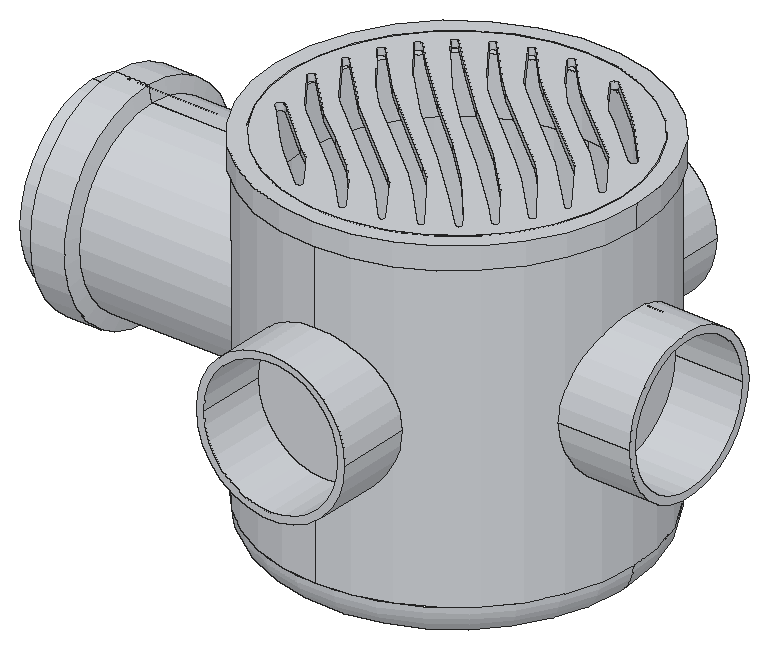
Revit family "Cx_Sif_3E_100x100x50", category Plumbing Fixtures, host Face, Revit 2025 (continued)
Automatic sketch dimensions
  Extrusion 11 sketch curve to Extrusion 11 sketch curve = 0.565 mm  (x2)
  Extrusion 11 sketch curve to Extrusion 11 sketch curve = 5.226 mm  (x2)
  Extrusion 11 sketch curve to Extrusion 11 sketch curve = 2.545 mm  (x2)
  Extrusion 11 sketch curve to Extrusion 11 sketch curve = 1.21 mm  (x2)
  Extrusion 11 sketch curve to plane 1 "Center (Front/Back)" = 7.516 mm
  Extrusion 11 sketch curve to Extrusion 11 sketch curve = 1.934 mm  (x2)
  Extrusion 11 sketch curve to Extrusion 11 sketch curve = 3.641 mm  (x2)
  Extrusion 11 sketch curve to plane 1 "Center (Front/Back)" = 4.595 mm
  Extrusion 11 sketch curve to plane 3 "Center (Left/Right)" = 2.344 mm
  Extrusion 11 sketch curve to plane 1 "Center (Front/Back)" = 4.456 mm
  Extrusion 11 sketch curve to Extrusion 11 sketch curve = 1.893 mm  (x2)
  Extrusion 11 sketch curve to plane 1 "Center (Front/Back)" = 3.47 mm
  Extrusion 11 sketch curve to plane 1 "Center (Front/Back)" = 3.156 mm
  Extrusion 11 sketch curve to plane 1 "Center (Front/Back)" = 2.446 mm
  Extrusion 11 sketch curve to plane 1 "Center (Front/Back)" = 2.422 mm
  Extrusion 11 sketch curve to plane 1 "Center (Front/Back)" = 1.749 mm
  Extrusion 11 sketch curve to plane 1 "Center (Front/Back)" = 1.747 mm
  Extrusion 11 sketch curve to plane 1 "Center (Front/Back)" = 0.955 mm
  Extrusion 11 sketch curve to plane 1 "Center (Front/Back)" = 0.563 mm
  Extrusion 11 sketch curve to plane 1 "Center (Front/Back)" = 0.377 mm
  Extrusion 11 sketch curve to plane 1 "Center (Front/Back)" = 0.241 mm
  Extrusion 11 sketch curve to plane 1 "Center (Front/Back)" = 0.002 mm
  plane 1 "Center (Front/Back)" to Extrusion 11 sketch curve = 0.238 mm
  plane 1 "Center (Front/Back)" to Extrusion 11 sketch curve = 0.373 mm
  plane 1 "Center (Front/Back)" to Extrusion 11 sketch curve = 0.56 mm
  plane 1 "Center (Front/Back)" to Extrusion 11 sketch curve = 0.951 mm
  plane 1 "Center (Front/Back)" to Extrusion 11 sketch curve = 1.743 mm
  plane 1 "Center (Front/Back)" to Extrusion 11 sketch curve = 1.746 mm
  Extrusion 11 sketch curve to Extrusion 11 sketch curve = 1.859 mm
  plane 1 "Center (Front/Back)" to Extrusion 11 sketch curve = 2.443 mm
  plane 1 "Center (Front/Back)" to Extrusion 11 sketch curve = 3.152 mm
  Extrusion 11 sketch curve to Extrusion 11 sketch curve = 1.723 mm
  plane 1 "Center (Front/Back)" to Extrusion 11 sketch curve = 3.599 mm
  plane 1 "Center (Front/Back)" to Extrusion 11 sketch curve = 4.453 mm
  plane 1 "Center (Front/Back)" to Extrusion 11 sketch curve = 4.592 mm
  plane 1 "Center (Front/Back)" to Extrusion 11 sketch curve = 5.579 mm
  Extrusion 11 sketch curve to Extrusion 11 sketch curve = 6.146 mm
  Extrusion 11 sketch curve to Extrusion 11 sketch curve = 9.597 mm
  Extrusion 11 sketch curve to Extrusion 11 sketch curve = 2.261 mm  (x2)
  plane 3 "Center (Left/Right)" to Extrusion 11 sketch curve = 3.503 mm
  Extrusion 11 sketch curve to Extrusion 11 sketch curve = 7.401 mm
  Extrusion 11 sketch curve to Extrusion 11 sketch curve = 2.972 mm
  Extrusion 11 sketch curve to Extrusion 11 sketch curve = 7.628 mm
  Extrusion 11 sketch curve to Extrusion 11 sketch curve = 7.456 mm
  plane 3 "Center (Left/Right)" to Extrusion 11 sketch curve = 3.075 mm
  plane 3 "Center (Left/Right)" to Extrusion 11 sketch curve = 11.297 mm
  Extrusion 11 sketch curve to Extrusion 11 sketch curve = 3.032 mm
  plane 3 "Center (Left/Right)" to Extrusion 11 sketch curve = 0.057 mm
  plane 3 "Center (Left/Right)" to Extrusion 11 sketch curve = 18.239 mm
  Extrusion 11 sketch curve to Extrusion 11 sketch curve = 0.488 mm
  plane 3 "Center (Left/Right)" to Extrusion 11 sketch curve = 8.565 mm
  Extrusion 11 sketch curve to plane 3 "Center (Left/Right)" = 3.051 mm
  Extrusion 11 sketch curve to Extrusion 11 sketch curve = 2.756 mm
  Extrusion 11 sketch curve to Extrusion 11 sketch curve = 0.836 mm
  plane 3 "Center (Left/Right)" to Extrusion 11 sketch curve = 2.751 mm
  Extrusion 11 sketch curve to Extrusion 11 sketch curve = 1.593 mm
  plane 3 "Center (Left/Right)" to Extrusion 11 sketch curve = 1.399 mm
  Extrusion 11 sketch curve to Extrusion 11 sketch curve = 1.431 mm
  Extrusion 11 sketch curve to plane 3 "Center (Left/Right)" = 14.389 mm
  plane 3 "Center (Left/Right)" to Extrusion 11 sketch curve = 10.702 mm
  plane 3 "Center (Left/Right)" to Extrusion 11 sketch curve = 1.549 mm
  plane 3 "Center (Left/Right)" to Extrusion 11 sketch curve = 0.765 mm
  plane 3 "Center (Left/Right)" to Extrusion 11 sketch curve = 0.062 mm
  Extrusion 11 sketch curve to Extrusion 11 sketch curve = 19.237 mm
  Extrusion 11 sketch curve to Extrusion 11 sketch curve = 1.974 mm
  Extrusion 11 sketch curve to Extrusion 11 sketch curve = 1.743 mm
  Extrusion 11 sketch curve to Extrusion 11 sketch curve = 53.478 mm
  Extrusion 11 sketch curve to Extrusion 11 sketch curve = 127.934 mm
  Extrusion 11 sketch curve to Extrusion 11 sketch curve = 34.462 mm
  Extrusion 11 sketch curve to Extrusion 11 sketch curve = 0.268 mm
  Extrusion 11 sketch curve to Extrusion 11 sketch curve = 0.325 mm
  Extrusion 11 sketch curve to Extrusion 11 sketch curve = 23.673 mm
  Extrusion 11 sketch curve to Extrusion 11 sketch curve = 0.823 mm
  Extrusion 11 sketch curve to Extrusion 11 sketch curve = 0.012 mm  (x2)
  Extrusion 11 sketch curve to Extrusion 11 sketch curve = 0.756 mm
  Extrusion 11 sketch curve to Extrusion 11 sketch curve = 3.003 mm
  Extrusion 11 sketch curve to Extrusion 11 sketch curve = 5.909 mm
  Extrusion 11 sketch curve to Extrusion 11 sketch curve = 3.403 mm
  Extrusion 11 sketch curve to Extrusion 11 sketch curve = 1.906 mm  (x2)
  Extrusion 11 sketch curve to Extrusion 11 sketch curve = 0.843 mm
  Extrusion 11 sketch curve to Extrusion 11 sketch curve = 3.414 mm
  Extrusion 11 sketch curve to Extrusion 11 sketch curve = 3.509 mm  (x2)
  Extrusion 11 sketch curve to Extrusion 11 sketch curve = 2.376 mm
  Extrusion 11 sketch curve to Extrusion 11 sketch curve = 0.783 mm
  Extrusion 11 sketch curve to Extrusion 11 sketch curve = 2.211 mm
  Extrusion 11 sketch curve to Extrusion 11 sketch curve = 3.072 mm
  Extrusion 11 sketch curve to Extrusion 11 sketch curve = 0.838 mm
  Extrusion 11 sketch curve to Extrusion 11 sketch curve = 9.255 mm
  Extrusion 11 sketch curve to Extrusion 11 sketch curve = 1.789 mm
  Extrusion 11 sketch curve to Extrusion 11 sketch curve = 2.826 mm
  Extrusion 11 sketch curve to Extrusion 11 sketch curve = 5.511 mm
  Extrusion 11 sketch curve to Extrusion 11 sketch curve = 5.579 mm
  Extrusion 11 sketch curve to Extrusion 11 sketch curve = 4.311 mm  (x2)
  Extrusion 11 sketch curve to Extrusion 11 sketch curve = 4.189 mm
  Extrusion 11 sketch curve to Extrusion 11 sketch curve = 3.575 mm
  Extrusion 11 sketch curve to Extrusion 11 sketch curve = 0.766 mm
  Extrusion 11 sketch curve to Extrusion 11 sketch curve = 5.526 mm
  Extrusion 11 sketch curve to Extrusion 11 sketch curve = 1.848 mm
  Extrusion 11 sketch curve to Extrusion 11 sketch curve = 1.872 mm  (x2)
  Extrusion 11 sketch curve to Extrusion 11 sketch curve = 2.523 mm
  Extrusion 11 sketch curve to Extrusion 11 sketch curve = 2.048 mm
  Extrusion 11 sketch curve to Extrusion 11 sketch curve = 3.624 mm
  Extrusion 11 sketch curve to Extrusion 11 sketch curve = 1.291 mm  (x2)
  Extrusion 11 sketch curve to Extrusion 11 sketch curve = 6.114 mm
  Extrusion 11 sketch curve to Extrusion 11 sketch curve = 0.705 mm
  Extrusion 11 sketch curve to Extrusion 11 sketch curve = 4.23 mm
  Extrusion 11 sketch curve to Extrusion 11 sketch curve = 6.941 mm
  Extrusion 11 sketch curve to Extrusion 11 sketch curve = 0.682 mm
  Extrusion 11 sketch curve to Extrusion 11 sketch curve = 5.741 mm  (x2)
  Extrusion 11 sketch curve to Extrusion 11 sketch curve = 0.63 mm  (x2)
  Extrusion 11 sketch curve to Extrusion 11 sketch curve = 0.182 mm  (x2)
  Extrusion 11 sketch curve to plane 3 "Center (Left/Right)" = 5.621 mm
  Extrusion 11 sketch curve to Extrusion 11 sketch curve = 0.539 mm
  Extrusion 11 sketch curve to plane 3 "Center (Left/Right)" = 3.404 mm
  Extrusion 11 sketch curve to plane 3 "Center (Left/Right)" = 1.45 mm
  Extrusion 11 sketch curve to plane 3 "Center (Left/Right)" = 0.013 mm
  plane 3 "Center (Left/Right)" to Extrusion 11 sketch curve = 2.443 mm
  Extrusion 11 sketch curve to Extrusion 11 sketch curve = 7.211 mm
  Extrusion 11 sketch curve to Extrusion 11 sketch curve = 0.674 mm
  Extrusion 11 sketch curve to Extrusion 11 sketch curve = 1.885 mm
  Extrusion 11 sketch curve to Extrusion 11 sketch curve = 0.384 mm
  Extrusion 11 sketch curve to Extrusion 11 sketch curve = 6.502 mm
  Extrusion 11 sketch curve to Extrusion 11 sketch curve = 7.333 mm
  Extrusion 11 sketch curve to Extrusion 11 sketch curve = 0.644 mm
  Extrusion 11 sketch curve to Extrusion 11 sketch curve = 3.877 mm
  Extrusion 11 sketch curve to Extrusion 11 sketch curve = 0.353 mm
  Extrusion 11 sketch curve to Extrusion 11 sketch curve = 2.341 mm
  Extrusion 11 sketch curve to Extrusion 11 sketch curve = 1.081 mm
  Extrusion 11 sketch curve to Extrusion 11 sketch curve = 3.779 mm
  Extrusion 11 sketch curve to Extrusion 11 sketch curve = 2.13 mm
  Extrusion 11 sketch curve to Extrusion 11 sketch curve = 0.715 mm
  Extrusion 11 sketch curve to Extrusion 11 sketch curve = 3.522 mm
  Extrusion 11 sketch curve to Extrusion 11 sketch curve = 0.77 mm
  Extrusion 11 sketch curve to Extrusion 11 sketch curve = 0.679 mm
  Extrusion 11 sketch curve to Extrusion 11 sketch curve = 0.739 mm
  Extrusion 12 sketch curve to plane 1 "Center (Front/Back)" = 50.00 mm
  Extrusion 12 sketch curve to Extrusion 12 sketch curve = 2.50 mm  (x4)
  plane 1 "Center (Front/Back)" to Extrusion 12 sketch curve = 47.50 mm
  Extrusion 12 sketch curve to plane 3 "Center (Left/Right)" = 50.00 mm
  plane 3 "Center (Left/Right)" to Extrusion 12 sketch curve = 47.50 mm
  plane 1 "Center (Front/Back)" to Extrusion 13 sketch curve = 0.00 mm
  Extrusion 13 sketch curve to plane 3 "Center (Left/Right)" = 0.00 mm
  Extrusion 13 sketch curve to plane 1 "Center (Front/Back)" = 47.50 mm
  plane 1 "Center (Front/Back)" to Extrusion 13 sketch curve = 47.50 mm
  Extrusion 13 sketch curve to plane 3 "Center (Left/Right)" = 47.50 mm
  plane 3 "Center (Left/Right)" to Extrusion 13 sketch curve = 47.50 mm
  Sweep 14 sketch curve to Sweep 14 sketch curve = 0.00 mm  (x2)
  plane 1 "Center (Front/Back)" to Sweep 14 sketch curve = 0.00 mm
  Sweep 14 sketch curve to profile plane = 0.00 mm
  Sweep 15 sketch curve to plane 3 "Center (Left/Right)" = 0.00 mm
  Sweep 15 sketch curve to Sweep 15 sketch curve = 0.00 mm  (x2)
  plane 1 "Center (Front/Back)" to Sweep 15 sketch curve = 0.00 mm
  Sweep 15 sketch curve to profile plane = 0.00 mm
  Sweep 16 sketch curve to plane 3 "Center (Left/Right)" = 0.00 mm
  Sweep 16 sketch curve to Sweep 16 sketch curve = 0.00 mm  (x2)
  plane 1 "Center (Front/Back)" to Sweep 16 sketch curve = 0.00 mm
  Sweep 16 sketch curve to profile plane = 0.00 mm
  plane 1 "Center (Front/Back)" to Sweep 17 sketch curve = 0.00 mm
  plane 3 "Center (Left/Right)" to Sweep 17 sketch curve = 48.75 mm
  Sweep 17 sketch curve to Sweep 17 sketch curve = 20.15 mm
  plane 6 to Sweep 17 sketch curve = 0.00 mm
  Sweep 17 sketch curve to profile plane = 0.00 mm
  Sweep 18 sketch curve to plane 3 "Center (Left/Right)" = 0.00 mm
  Sweep 18 sketch curve to plane 1 "Center (Front/Back)" = 48.75 mm
  Sweep 18 sketch curve to Sweep 18 sketch curve = 20.15 mm
  Sweep 18 sketch curve to plane 6 = 0.00 mm
  profile plane to Sweep 18 sketch curve = 0.00 mm
  Sweep 19 sketch curve to plane 3 "Center (Left/Right)" = 0.00 mm
  plane 1 "Center (Front/Back)" to Sweep 19 sketch curve = 48.75 mm
  Sweep 19 sketch curve to Sweep 19 sketch curve = 20.15 mm
  Sweep 19 sketch curve to plane 6 = 0.00 mm
  Sweep 19 sketch curve to profile plane = 0.00 mm
  plane 1 "Center (Front/Back)" to Sweep 20 sketch curve = 0.00 mm
  Sweep 20 sketch curve to plane 3 "Center (Left/Right)" = 107.80 mm
  Sweep 20 sketch curve to Sweep 20 sketch curve = 43.011 mm
  plane 6 to Sweep 20 sketch curve = 0.00 mm
  Sweep 20 sketch curve to profile plane = 0.00 mm
  radius of Extrusion 11 sketch curve = 48.60 mm
  radius of Extrusion 13 sketch curve = 46.47 mm
  radius of Sweep 14 sketch curve = 48.587 mm
  radius of Sweep 14 sketch curve = 46.47 mm
  radius of Sweep 15 sketch curve = 53.50 mm
  radius of Sweep 15 sketch curve = 48.75 mm
  radius of Sweep 16 sketch curve = 46.47 mm
  radius of Sweep 16 sketch curve = 48.75 mm
Nested families
  nested 1: "Prolongamento para Caixa Sifonada - Caixas e Ralos - Esgoto - MEP - Tigre" at (0, 0, -6.5), Comprimento do Tubo <- "Comprimento do Tubo", visible <- "Prolongador", Acabamento <- "Prolongador.", Tigre: Comentários <- "Tigre: Comentários", type "100 x 100 mm"
    with Tigre: Marcador "00", Tigre: Código com Separador "27.30.748.5", Tigre: Código 27307485, Tigre: Comentários "", Comprimento do Tubo 1.00 mm, Acabamento none
Connectors
  piping at (-64.789, 0, -50.5), diameter 50, driven by "Raio Nominal 1"
    settings: on cut or joined group of Sweep 1, Revolve 2, Sweep 3, Sweep 4, Sweep 5, SweptBlend 6, Sweep 7, SweptBlend 8, Sweep 9, Sweep 17, Sweep 18, Sweep 19, Sweep 20, index 1, connector inside diameter 50.00 mm, connector length 0.00 mm, flow factor 0, pipe flow 0 GPM, pressure drop 0.00 psi, fitting loss kfactor 0, connector angle 0.00°, fixture units 0, engagement length 0.00 mm, angle of deflection 0.00°, flow configuration 0, flow direction 2, fitting loss method 0, system type 16, joint type 0, gender type 0, connector reference index 2, connector utility 1, adjustable connector yes, is connector primary yes, connector description ""
  piping at (48.75, 0, -50.5), diameter 40, driven by "Raio Nominal 2"
    settings: on cut or joined group of Sweep 1, Revolve 2, Sweep 3, Sweep 4, Sweep 5, SweptBlend 6, Sweep 7, SweptBlend 8, Sweep 9, Sweep 17, Sweep 18, Sweep 19, Sweep 20, index 2, connector inside diameter 40.00 mm, connector length 0.00 mm, flow factor 0, pipe flow 0 GPM, pressure drop 0.00 psi, fitting loss kfactor 0, connector angle 0.00°, fixture units 0, engagement length 0.00 mm, angle of deflection 0.00°, flow configuration 0, flow direction 1, fitting loss method 0, system type 16, joint type 0, gender type 0, connector reference index 1, connector utility 1, adjustable connector yes, is connector primary no, connector description ""
  piping at (0, 48.75, -50.5), diameter 40, driven by "Raio Nominal 2"
    settings: on cut or joined group of Sweep 1, Revolve 2, Sweep 3, Sweep 4, Sweep 5, SweptBlend 6, Sweep 7, SweptBlend 8, Sweep 9, Sweep 17, Sweep 18, Sweep 19, Sweep 20, index 4, connector inside diameter 40.00 mm, connector length 0.00 mm, flow factor 0, pipe flow 0 GPM, pressure drop 0.00 psi, fitting loss kfactor 0, connector angle 0.00°, fixture units 0, engagement length 0.00 mm, angle of deflection 0.00°, flow configuration 0, flow direction 1, fitting loss method 0, system type 16, joint type 0, gender type 0, connector reference index -1, connector utility 1, adjustable connector yes, is connector primary no, connector description ""
  piping at (0, -48.75, -50.5), diameter 40, driven by "Raio Nominal 2"
    settings: on cut or joined group of Sweep 1, Revolve 2, Sweep 3, Sweep 4, Sweep 5, SweptBlend 6, Sweep 7, SweptBlend 8, Sweep 9, Sweep 17, Sweep 18, Sweep 19, Sweep 20, index 5, connector inside diameter 40.00 mm, connector length 0.00 mm, flow factor 0, pipe flow 0 GPM, pressure drop 0.00 psi, fitting loss kfactor 0, connector angle 0.00°, fixture units 0, engagement length 0.00 mm, angle of deflection 0.00°, flow configuration 0, flow direction 1, fitting loss method 0, system type 16, joint type 0, gender type 0, connector reference index -1, connector utility 1, adjustable connector yes, is connector primary no, connector description ""
Definition of nested family "Prolongamento para Caixa Sifonada - Caixas e Ralos - Esgoto - MEP - Tigre"
  Parameters
    Unifilar = Diâmetro Nominal * 0.4  # 40.00 mm
    URL = "http://www.tigre.com.br"
    Type Comments = ""
    Tigre: Sistema = "Esgoto"  # constant formula
    Tigre: Norma = ""
    Tigre: Material = "PVC Branco"  # constant formula
    Tigre: Marcador [instance] = "00"
    Tigre: Link do Produto = "http://www.tigre.com.br/pt/produtos_unico.php?rcr_id=4&cpr_id=10&cpr_id_pai=4&lnh_id=11&prd_id=150"
    Tigre: Linha = "Caixas e Ralos"  # constant formula
    Tigre: Fabricante = "© Tigre S/A"  # constant formula
    Tigre: Descrição = "Prolongamento p/ Caixa Sifonada 100 x 100mm, Esgoto - TIGRE"
    Tigre: Código com Separador [instance] = "27.30.748.5"
    Tigre: Código [instance] = 27307485
    Tigre: Comentários [instance] = ""
    Raio Nominal = 50.00 mm
    Raio Externo = 48.40 mm
    Raio Interno = 0.98 * Raio Externo  # 47.432 mm
    Model = ""
    Manufacturer = Tigre: Fabricante  # "© Tigre S/A"
    Diâmetro Nominal = Raio Nominal * 2  # 100.00 mm
    Description = Tigre: Descrição  # "Prolongamento p/ Caixa Sifonada 100 x 100mm, Esgoto - TIGRE"
    Default Elevation = 0.00 mm
    Comprimento do Tubo [instance] = 100.00 mm
    Acabamento [instance] = none
  Reference planes
    plane 1 "Center (Front/Back)": y = 0
    plane 2: z = 0
    plane 3 "Center (Left/Right)": x = 0
    plane 4: z = -100
    plane 5: z = 0
  Forms (mm)
    Sweep 1, solid, material <- "Acabamento", detail levels fine
      path origin (0, 0, 0) x (0, 0, -1) y (0, 1, 0)
        loop
          line (0, 0) -> (100, 0)
      profile origin (0, 0, -50) x (1, 0, 0) y (0, 1, 0)
        loop
          circle (0, 0) r 47.432
        loop
          circle (0, 0) r 48.4
  Dimensions and locks
    "Comprimento do Tubo": plane 5 to plane 4
    "Raio Externo": radius of Sweep 1 sketch curve
    "Raio Interno": radius of Sweep 1 sketch curve
    aligned and locked: plane 1 "Center (Front/Back)" to Sweep 1 sketch curve
    aligned and locked: level to Sweep 1 sketch curve
    aligned and locked: plane 4 to Sweep 1 sketch curve
  Automatic sketch dimensions
    Sweep 1 sketch curve to Sweep 1 sketch curve = 0.00 mm  (x2)
    Sweep 1 sketch curve to profile plane = 0.00 mm  (x2)
Types (6, lengths in mm): name | Tigre: Material | Tigre: Link do Produto | Tigre: Descrição | Tigre: Código com Separador | Tigre: Código | Porta Grelha Redonda | Porta Grelha Quadrada | Grelha Redonda | Grelha Quadrada | Description
  (no name) | "Prata/Aluminio" | "http://www.tigre.com.br/pt/produtos_unico.php?rcr_id=4&cpr_id=10&cpr_id_pai=4&lnh_id=11&prd_id=124" | "Caixa Sifonada Montada c/ Grelha e Porta Grelha, alumínio redondos 100 x 100 x 50mm, Esgoto - TIGRE" | "27.01.999.4" | 27019994 | yes | no | yes | no | "Caixa Sifonada Montada c/ Grelha e Porta Grelha, alumínio redondos 100 x 100 x 50mm, Esgoto - TIGRE"
  Grelha e porta grelha quadrados brancos - DN 100 x 100 x 50 | "Branco" | "http://www.tigre.com.br/pt/produtos_unico.php?rcr_id=4&cpr_id=10&cpr_id_pai=4&lnh_id=11&prd_id=124" | "Caixa Sifonada Montada c/ Grelha e Porta Grelha, quadrados brancos 100 x 100 x 50mm, Esgoto - TIGRE" | "27.01.991.9" | 27019919 | no | yes | no | yes | "Caixa Sifonada Montada c/ Grelha e Porta Grelha, quadrados brancos 100 x 100 x 50mm, Esgoto - TIGRE"
  Grelha e porta grelha redondos brancos - DN 100 x 100 x 50 | "Branco" | "http://www.tigre.com.br/pt/produtos_unico.php?rcr_id=4&cpr_id=10&cpr_id_pai=4&lnh_id=11&prd_id=124" | "Caixa Sifonada Montada c/ Grelha e Porta Grelha, redondos brancos 100 x 100 x 50mm, Esgoto - TIGRE" | "27.01.980.3" | 27019803 | yes | no | yes | no | "Caixa Sifonada Montada c/ Grelha e Porta Grelha, redondos brancos 100 x 100 x 50mm, Esgoto - TIGRE"
  Porta grelha prata e grelha alumínio quadrados - DN 100 x 100 x 50 | "Prata/Aluminio" | "http://www.tigre.com.br/pt/produtos_unico.php?rcr_id=4&cpr_id=10&cpr_id_pai=4&lnh_id=11&prd_id=124" | "Caixa Sifonada Montada c/ Grelha e Porta Grelha, alumínio quadrados 100 x 100 x 50mm, Esgoto - TIGRE" | "27.01.997.8" | 27019978 | no | yes | no | yes | "Caixa Sifonada Montada c/ Grelha e Porta Grelha, alumínio quadrados 100 x 100 x 50mm, Esgoto - TIGRE"
  Porta-grelha prata e grelha alumínio redondos - DN 100 x 100 x 50 | "Prata/Aluminio" | "http://www.tigre.com.br/pt/produtos_unico.php?rcr_id=4&cpr_id=10&cpr_id_pai=4&lnh_id=11&prd_id=124" | "Caixa Sifonada Montada c/ Grelha e Porta Grelha, alumínio redondos 100 x 100 x 50mm, Esgoto - TIGRE" | "27.01.999.4" | 27019994 | yes | no | yes | no | "Caixa Sifonada Montada c/ Grelha e Porta Grelha, alumínio redondos 100 x 100 x 50mm, Esgoto - TIGRE"
  Corpo - 100 x 100 x 50 | "Branco" | "http://www.tigre.com.br/pt/produtos_unico.php?rcr_id=4&cpr_id=10&cpr_id_pai=4&lnh_id=11&prd_id=131" | "Corpo Caixa Sifonada 100 x 100 x 50mm, Esgoto - TIGRE" | "27.15.019.5" | 27150195 | no | no | no | no | "Corpo Caixa Sifonada 100 x 100 x 50mm, Esgoto - TIGRE"
